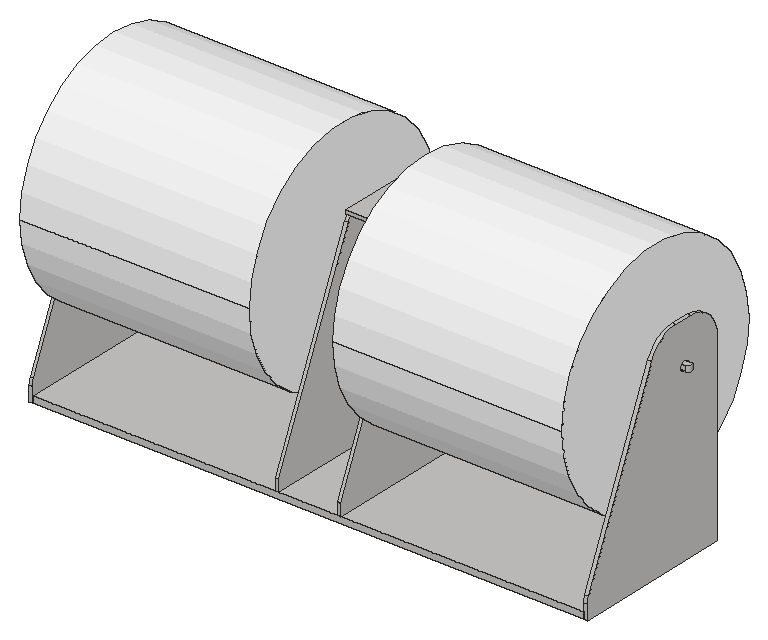
Revit family "PRD_AR_TltRllHldrs_DoubleToiletRollHolder_CHRX676N", category Specialty Equipment, host Face, Revit 2018
Family settings
  Host = Face
  Round Connector Dimension = Use Diameter
  Part Type = Normal
  OmniClass Number = 23.40.20.21.21
  OmniClass Title = Toilet Paper Dispensers
  Cut with Voids When Loaded = No
  Shared = No
  Room Calculation Point = No
Parameters (values of type "CHRX676N")
  WarrantyStartDate [instance] = "1900-12-31T23:59:59"
  WarrantyGuarantorParts = "n/a"
  WarrantyGuarantorLabor = "n/a"
  WarrantyDurationUnit = "year"
  WarrantyDurationParts = "n/a"
  WarrantyDurationLabor = "n/a"
  WarrantyDescription = "n/a"
  Version = "1"
  Uniclass2015Version = "Products v1.10"
  Uniclass2015Title = "Toilet roll holders"
  Uniclass2015Code = "Pr_40_20_76_88"
  URL = "www.kwc.com"
  TypeOfMounting = "Wall mounting"
  TypeOfFixing = "Screw"
  ToiletRollMaterial = PRD_AR_ToiletRoll
  TagNumber [instance] = "n/a"
  SustainabilityPerformance = "n/a"
  Style = "Toilet roll holder"
  Spindle = "Yes"
  Size = "335 x 98 x 132 mm"
  Shape = "n/a"
  SerialNumber [instance] = "n/a"
  RollHolderMaterial = PRD_AR_StainlessSteel_SatinFinished
  Revision = "n/a"
  ReplacementCost = "n/a"
  ProductInformation = "https://pim.kwc.com/product/2030028851/attachment/datasheet?locale=en"
  NominalWidth = 335.00 mm
  NominalHeight = 98.00 mm
  NominalDepth = 132.00 mm
  NetWeight = 1.42 kg
  Name = "Double toilet roll holder CHRX676N"
  NBSTypeID = "n/a"
  NBSReference = "45-35-72/368"
  NBSOfficeMasterTag = "n/a"
  NBSNote = "n/a"
  NBSDescription = "Toilet roll holders"
  NBSCertification = "n/a"
  ModelReference = "CHRX676N"
  ModelNumber = "2030028851"
  Model = ModelReference  # "CHRX676N"
  MaximumWidthOfConsumable = "140.00 mm"
  MaximumDepthDiameterOfConsumable = "140.00 mm"
  MaterialThickness = "2.00 mm"
  MaterialCode = "1.4301"
  Material = "stainless steel"
  ManufacturerURL = "www.kwc.com"
  ManufacturerName = "KWC Group AG"  # constant formula
  Manufacturer = ManufacturerName  # "KWC Group AG"
  MainColor = "stainless steel"
  Lock = "Key-lock"
  IsBuiltIn = "TRUE"
  IntegralAccessories = "incl. stainless steel screws and dowels"
  InstallationDate [instance] = "1900-12-31T23:59:59"
  IfcExportType = "USERDEFINED"
  IfcExportAs = "IfcFurnitureType"
  GrossWeight = 1.50 kg
  Grade = "n/a"
  Finish = "satin finished"
  FillingQuantityUom = "Rolls"
  FillingQuantity = "2"
  Features = "stainless steel, included fixing material"
  ExpectedLife = "n/a"
  DurationUnit = "year"
  Description = "Double toilet roll holder for wall mounting, stainless steel, surface satin finished, material thickness 2 mm, cylinder lock with KWC standard key, for 2 rolls with a maximum diameter of 140 mm, thief protected spindles, controlled paper consumption due to spindle stop mechanism, includes stainless steel screws and dowels."
  Default Elevation = 700.00 mm
  CreatedOn = "11/2019"  # constant formula
  Constituents = "n/a"
  Color = "n/a"
  CodePerformance = "n/a"
  Category = "Pr_40_20_76_88, Toilet roll holders"
  BarCode [instance] = "n/a"
  BIMObjectName = "PRD_AR_ToiletRollHolders_DoubleToiletRollHolder_CHRX676N"
  Author = "Archispace"  # constant formula
  AssetType = "Fixed"
  AssetIdentifier [instance] = "n/a"
  AccessibilityPerformance = "n/a"
Reference planes
  plane 1 "Center (Front/Back)": y = 0
  plane 2: z = 0
  plane 3 "Center (Left/Right)": x = 0
Forms (mm)
  Extrusion 1, solid, material "PRD_AR_StainlessSteel_SatinFinished" <- "RollHolderMaterial", detail levels fine
    sketch origin (0, 0, 0) x (0, 1, 0) y (0, 0, 1)
      loop
        line (49.75, 0) -> (49.75, 110)
        arc (49.75, 110) -> (43.892, 124.142) -> (29.75, 130) r 20
        line (29.75, 130) -> (18.687, 130)
        arc (18.687, 130) -> (7.824, 126.793) -> (0.445, 118.201) r 20
        line (0.445, 118.201) -> (-46.871, 12.956)
        arc (-46.871, 12.956) -> (-47.528, 10.952) -> (-47.75, 8.855) r 10
        line (-47.75, 8.855) -> (-47.75, 0) -> (49.75, 0)
      loop
        circle (24.75, 105) r 3
    from -167.5 to -165.5
  Extrusion 2, solid, material "PRD_AR_StainlessSteel_SatinFinished" <- "RollHolderMaterial", detail levels fine
    sketch origin (0, 0, 0) x (0, 1, 0) y (0, 0, -1)
      loop
        line (49.75, 0) -> (-47.75, 0) -> (-47.75, -8.855)
        arc (-47.75, -8.855) -> (-47.528, -10.952) -> (-46.871, -12.956) r 10
        line (-46.871, -12.956) -> (0.445, -118.201)
        arc (0.445, -118.201) -> (7.824, -126.793) -> (18.687, -130) r 20
        line (18.687, -130) -> (29.75, -130)
        arc (29.75, -130) -> (43.892, -124.142) -> (49.75, -110) r 20
        line (49.75, -110) -> (49.75, 0)
      loop
        circle (24.75, -105) r 3
    from -167.5 to -165.5
  Extrusion 3, solid, material "PRD_AR_StainlessSteel_SatinFinished" <- "RollHolderMaterial", detail levels fine
    sketch origin (0, 0, 0) x (1, 0, 0) y (0, 0, 1)
      loop
        line (-165.5, 0) -> (165.5, 0) -> (165.5, 56.238) -> (153.228, 25.864)
        arc (153.228, 25.864) -> (152.684, 24.026) -> (152.5, 22.118) r 10
        line (152.5, 22.118) -> (152.5, 17.5)
        arc (152.5, 17.5) -> (151.768, 15.732) -> (150, 15) r 2.5
        line (150, 15) -> (34.559, 15)
        arc (34.559, 15) -> (32.758, 15.746) -> (32.012, 17.548) r 2.548
        line (32.012, 17.548) -> (32.012, 22.478)
        arc (32.012, 22.478) -> (31.865, 24.004) -> (31.429, 25.475) r 8
        line (31.429, 25.475) -> (19.5, 55) -> (19.5, 95) -> (22.507, 95)
        arc (22.507, 95) -> (24.17, 95.889) -> (24.355, 97.765) r 2
        line (24.355, 97.765) -> (19.5, 109.485) -> (19.5, 126.8) -> (-19.5, 126.8) -> (-19.5, 109.485) -> (-24.355, 97.765)
        arc (-24.355, 97.765) -> (-24.17, 95.889) -> (-22.507, 95) r 2
        line (-22.507, 95) -> (-19.5, 95) -> (-19.5, 55) -> (-31.429, 25.475)
        arc (-31.429, 25.475) -> (-31.865, 24.004) -> (-32.012, 22.478) r 8
        line (-32.012, 22.478) -> (-32.012, 17.548)
        arc (-32.012, 17.548) -> (-32.758, 15.746) -> (-34.559, 15) r 2.548
        line (-34.559, 15) -> (-150, 15)
        arc (-150, 15) -> (-151.768, 15.732) -> (-152.5, 17.5) r 2.5
        line (-152.5, 17.5) -> (-152.5, 22.118)
        arc (-152.5, 22.118) -> (-152.684, 24.026) -> (-153.228, 25.864) r 10
        line (-153.228, 25.864) -> (-165.5, 56.238) -> (-165.5, 0)
    from -49.75 to -47.75
  Extrusion 4, solid, material "PRD_AR_StainlessSteel_SatinFinished" <- "RollHolderMaterial", detail levels fine
    sketch origin (0, 0, 0) x (0, 1, 0) y (0, 0, 1)
      loop
        line (44.55, 132) -> (4.748, 132) -> (4.748, 130) -> (44.55, 130)
        arc (44.55, 130) -> (46.813, 129.063) -> (47.75, 126.8) r 3.2
        line (47.75, 126.8) -> (49.75, 126.8)
        arc (49.75, 126.8) -> (48.227, 130.477) -> (44.55, 132) r 5.2
    from -19.5 to 19.5
  Revolve 5, solid, material "PRD_AR_StainlessSteel_SatinFinished" <- "RollHolderMaterial", detail levels fine
    sketch origin (0, 0, 0) x (0, 1, 0) y (0, 0, 1)
      loop
        line (22.26, 137.15) -> (22.26, 132) -> (32.235, 132) -> (32.235, 134.65)
        arc (32.235, 134.65) -> (31.649, 136.064) -> (30.235, 136.65) r 2
        line (30.235, 136.65) -> (28.476, 136.65)
        arc (28.476, 136.65) -> (28.11, 137.016) -> (27.61, 137.15) r 1
        line (27.61, 137.15) -> (22.26, 137.15)
      axis (22.26, 132) -> (22.26, 137.15)
    angle from 0 to 360
  Extrusion 6, solid, material "PRD_AR_StainlessSteel_SatinFinished" <- "RollHolderMaterial", detail levels fine
    sketch origin (0, 0, 0) x (0, 1, 0) y (0, 0, 1)
      loop
        line (47.75, 4) -> (47.75, 126.776)
        arc (47.75, 126.776) -> (46.806, 129.056) -> (44.526, 130) r 3.224
        line (44.526, 130) -> (9.631, 130)
        arc (9.631, 130) -> (6.372, 129.038) -> (4.159, 126.46) r 6
        line (4.159, 126.46) -> (-47.75, 11) -> (-47.75, 4) -> (47.75, 4)
    from 17.5 to 19.5
  Extrusion 7, solid, material "PRD_AR_StainlessSteel_SatinFinished" <- "RollHolderMaterial", detail levels fine
    sketch origin (0, 0, 0) x (0, 1, 0) y (0, 0, -1)
      loop
        line (47.75, -4) -> (-47.75, -4) -> (-47.75, -11) -> (4.159, -126.46)
        arc (4.159, -126.46) -> (6.372, -129.038) -> (9.631, -130) r 6
        line (9.631, -130) -> (44.526, -130)
        arc (44.526, -130) -> (46.806, -129.056) -> (47.75, -126.776) r 3.224
        line (47.75, -126.776) -> (47.75, -4)
    from 17.5 to 19.5
  Extrusion 8, solid, material "PRD_AR_StainlessSteel_SatinFinished" <- "RollHolderMaterial", detail levels fine
    sketch origin (0, 0, 0) x (1, 0, 0) y (0, 1, 0)
      loop
        line (-165.5, 47.75) -> (-165.5, -47.75) -> (165.5, -47.75) -> (165.5, 47.75) -> (-165.5, 47.75)
    from 0 to 4
  Extrusion 9, solid, material "PRD_AR_StainlessSteel_SatinFinished" <- "RollHolderMaterial", detail levels fine
    sketch origin (0, 0, 0) x (1, 0, 0) y (0, 1, 0)
      loop
        line (162.5, 22.74) -> (170, 22.74)
        arc (170, 22.74) -> (172.01, 24.75) -> (170, 26.76) r 2.01
        line (170, 26.76) -> (162.5, 26.76) -> (162.5, 22.74)
      loop
        line (-162.5, 22.74) -> (-162.5, 26.76) -> (-170, 26.76)
        arc (-170, 26.76) -> (-172.01, 24.75) -> (-170, 22.74) r 2.01
        line (-170, 22.74) -> (-162.5, 22.74)
    from 103.979 to 107
  Extrusion 10, solid, material "PRD_AR_ToiletRoll" <- "ToiletRollMaterial", detail levels medium+fine
    sketch origin (0, 0, 0) x (0, 1, 0) y (0, 0, 1)
      loop
        circle (9.261, 105.49) r 70
    from 25 to 162.5
  Extrusion 11, solid, material "PRD_AR_ToiletRoll" <- "ToiletRollMaterial", detail levels medium+fine
    sketch origin (0, 0, 0) x (0, 1, 0) y (0, 0, -1)
      loop
        circle (9.261, -105.49) r 70
    from 25 to 162.5
  Extrusion 12, solid, material "PRD_AR_StainlessSteel_SatinFinished" <- "RollHolderMaterial", detail levels medium
    sketch origin (0, 0, 0) x (1, 0, 0) y (0, 1, 0)
      loop
        circle (0.025, 22.26) r 10
    from 132 to 137.2
  Extrusion 13, solid, material "PRD_AR_StainlessSteel_SatinFinished" <- "RollHolderMaterial", detail levels medium
    sketch origin (0, 0, 0) x (0, 1, 0) y (0, 0, 1)
      loop
        line (49.75, 0) -> (49.75, 126.8)
        arc (49.75, 126.8) -> (48.227, 130.477) -> (44.55, 132) r 5.2
        line (44.55, 132) -> (6.649, 132) -> (-47.75, 11) -> (-47.75, 0) -> (49.75, 0)
    from -167.5 to 167.5
  Extrusion 14, void
    sketch origin (0, 0, 0) x (1, 0, 0) y (0, 1, 0)
      loop
        line (-162.5, 79.261) -> (-162.5, -60.739) -> (-25, -60.739) -> (-25, 79.261) -> (-162.5, 79.261)
      loop
        line (25, -60.739) -> (162.5, -60.739) -> (162.5, 79.261) -> (25, 79.261) -> (25, -60.739)
    from 4 to 250
  Extrusion 15, solid, material "PRD_AR_StainlessSteel_SatinFinished" <- "RollHolderMaterial", detail levels medium
    sketch origin (0, 0, 0) x (1, 0, 0) y (0, 0, 1)
      loop
        line (-165.5, 56.238) -> (-165.5, 4) -> (-25, 4) -> (-25, 41.387) -> (-32.012, 24.033) -> (-32.012, 15) -> (-152.5, 15) -> (-152.5, 24.061) -> (-165.5, 56.238)
      loop
        line (165.5, 56.238) -> (152.5, 24.061) -> (152.5, 15) -> (32.012, 15) -> (32.012, 24.033) -> (25, 41.387) -> (25, 4) -> (165.5, 4) -> (165.5, 56.238)
    from -49.75 to -47.75
  Extrusion 16, solid, material "PRD_AR_StainlessSteel_SatinFinished" <- "RollHolderMaterial", detail levels coarse
    sketch origin (0, 0, 0) x (0, 1, 0) y (0, 0, 1)
      loop
        line (79.261, 175.49) -> (-60.739, 175.49) -> (-60.739, 0) -> (79.261, 0) -> (79.261, 175.49)
    from -167.5 to 167.5
Cuts and joins
  Extrusion 14 cuts Extrusion 13
Dimensions and locks
  aligned and locked: plane 2 to host face
  aligned and locked: level to host face
